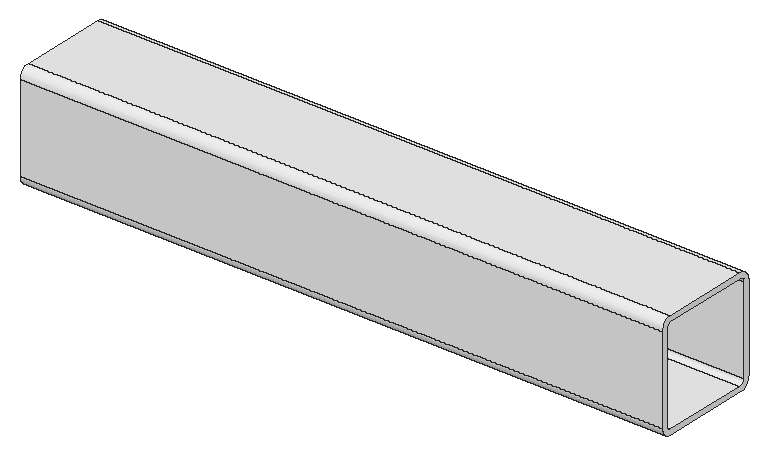
Revit family "M_HSS Quadrado", category Quadro estrutural, Revit 2019
Family settings
  Arredondamento do comprimento do framing estrutural = 0.10 mm
  Forma do corte = HSS retangular
  Material para o comportamento do modelo = Aço
  Exportar sempre como geometria = Não
  Family Name Key = M_HSS Square
  Nome do código = AISC 14.1
  Número OmniClass = 23.25.30.11.14.14
  Título OmniClass = Beams
  ID de item do Seek = HSS-Square-0000-CAN-ENU
  Sempre na vertical = Sim
  Corte com vazios quando carregada = Não
  Representação simbólica = Das configurações de projeto
  Compartilhado = Não
  Exibir o pré-corte da família na vista da planta = Sim
Parameters (values of type "HSS203.2X203.2X9.5")
  Largura = 203.00 mm
  Espessura nominal da parede = 9.53 mm
  Espessura da parede do projeto = 8.86 mm
  Momento de inércia de torção = 66600000.00 mm4
  Módulo de torção = 667000.0 mm³
  Structural Material [instance] = Aço, 45-345
  Section Name Key = ""
  Section Area = 6710.0 mm²
  Plastic Modulus weak axis = 482000.0 mm³
  Plastic Modulus strong axis = 482000.0 mm³
  Outer Fillet = 19.06 mm
  Nominal Weight = 549.17 N/m
  Moment of Inertia weak axis = 4160 cm⁴
  Moment of Inertia strong axis = 4160 cm⁴
  Length [instance] = 1524.00 mm
  Inner Fillet = 9.53 mm
  Height = 203.00 mm
  Elastic Modulus weak axis = 408000.0 mm³
  Elastic Modulus strong axis = 408000.0 mm³
  Centroid Vertical = Height / 2  # 101.5 mm
  Centroid Horizontal = Largura / 2  # 101.5 mm
Values of the unnamed type that differ from the named types
  Momento de inércia de torção = 6660 cm⁴
Reference planes
  plane 1 "Centro (Frente/Trás)": y = 0
  plane 2: z = 0
  plane 3 "Centro (Esquerda/Direita)": x = 4.61
  plane 4 "Membro esquerdo": x = -604.99
  plane 5 "Membro direito": x = 614.21
  plane 6: y = 101.5
  plane 7: y = -101.5
  plane 8 "Esquerda": x = -757.39
  plane 9 "Direita": x = 766.61
  plane 10: z = 101.5
  plane 11: z = -101.5
Forms (mm)
  Sweep 1, solid, material "Aço, 45-345" <- "Structural Material", detail levels medium
    path origin (0, 0, 0) x (1, 0, 0) y (0, 1, 0)
      loop
        line (614.21, 0) -> (-604.99, 0)
    profile "M_Vazado-Estrutural-Corte-Perfil-Médio : M_Vazado-Estrutural-Corte-Perfil-Médio" origin (4.61, 0, 0) x (0, -1, 0) y (0, 0, 1)
      loop
        line (-91.97, 91.97) -> (-91.97, -91.97) -> (91.97, -91.97) -> (91.97, 91.97) -> (-91.97, 91.97)
      loop
        line (-101.5, -101.5) -> (101.5, -101.5) -> (101.5, 101.5) -> (-101.5, 101.5) -> (-101.5, -101.5)
  Sweep 2, solid, material "Aço, 45-345" <- "Structural Material", detail levels fine
    path origin (0, 0, 0) x (1, 0, 0) y (0, 1, 0)
      loop
        line (-604.99, 0) -> (614.21, 0)
    profile "M_Vazado-Estrutural-Corte-Perfil-Alto : M_Vazado-Estrutural-Corte-Perfil-Alto" origin (4.61, 0, 0) x (0, 1, 0) y (0, 0, 1)
      loop
        arc (-82.44, 91.97) -> (-89.179, 89.179) -> (-91.97, 82.44) r 9.53
        line (-91.97, 82.44) -> (-91.97, -82.44)
        arc (-91.97, -82.44) -> (-89.179, -89.179) -> (-82.44, -91.97) r 9.53
        line (-82.44, -91.97) -> (82.44, -91.97)
        arc (82.44, -91.97) -> (89.179, -89.179) -> (91.97, -82.44) r 9.53
        line (91.97, -82.44) -> (91.97, 82.44)
        arc (91.97, 82.44) -> (89.179, 89.179) -> (82.44, 91.97) r 9.53
        line (82.44, 91.97) -> (-82.44, 91.97)
      loop
        arc (-101.5, -82.44) -> (-95.917, -95.917) -> (-82.44, -101.5) r 19.06
        line (-82.44, -101.5) -> (82.44, -101.5)
        arc (82.44, -101.5) -> (95.917, -95.917) -> (101.5, -82.44) r 19.06
        line (101.5, -82.44) -> (101.5, 82.44)
        arc (101.5, 82.44) -> (95.917, 95.917) -> (82.44, 101.5) r 19.06
        line (82.44, 101.5) -> (-82.44, 101.5)
        arc (-82.44, 101.5) -> (-95.917, 95.917) -> (-101.5, 82.44) r 19.06
        line (-101.5, 82.44) -> (-101.5, -82.44)
Lines and regions (mm)
  symbolic lines, style "Faces ocultas", detail levels medium+fine
    curve 1: line (614.21, -91.97, 0) -> (-604.99, -91.97, 0)
    curve 2: line (614.21, 91.97, 0) -> (-604.99, 91.97, 0)
    curve 3: line (-604.99, 0, 91.97) -> (614.21, 0, 91.97)
    curve 4: line (-604.99, 0, -91.97) -> (614.21, 0, -91.97)
  symbolic lines, style "Símbolos de vara", detail levels coarse
    curve 5: line (4.61, 101.5, 101.5) -> (4.61, -101.5, 101.5)
    curve 6: line (4.61, -101.5, 101.5) -> (4.61, -101.5, -101.5)
    curve 7: line (4.61, -101.5, -101.5) -> (4.61, 101.5, -101.5)
    curve 8: line (4.61, 101.5, -101.5) -> (4.61, 101.5, 101.5)
Dimensions and locks
  "Largura": plane 6 to plane 7
  equal spacing: plane 6, plane 1 "Centro (Frente/Trás)", plane 7
  "Espessura nominal da parede": plane 6 to curve 2
  "Espessura nominal da parede": curve 1 to plane 7
  "Length": plane 8 "Esquerda" to plane 9 "Direita"
  equal spacing: plane 10, level, plane 11
  "Height": plane 10 to plane 11
  aligned and locked: plane 4 "Membro esquerdo" to curve 3
  aligned and locked: plane 5 "Membro direito" to curve 3
  aligned and locked: plane 4 "Membro esquerdo" to curve 4
  aligned and locked: plane 5 "Membro direito" to curve 4
  aligned and locked: Sweep 1 sketch curve to plane 1 "Centro (Frente/Trás)"
  aligned and locked: curve 5 to Sweep 1
  aligned and locked: curve 6 to Sweep 1
  aligned and locked: curve 7 to Sweep 1
  aligned and locked: curve 8 to Sweep 1
  aligned and locked: plane 4 "Membro esquerdo" to Sweep 1 sketch curve
  aligned and locked: plane 5 "Membro direito" to Sweep 1 sketch curve
  aligned and locked: plane 4 "Membro esquerdo" to curve 1
  aligned and locked: plane 4 "Membro esquerdo" to curve 2
  aligned and locked: plane 5 "Membro direito" to curve 1
  aligned and locked: plane 5 "Membro direito" to curve 2
  aligned and locked: plane 5 "Membro direito" to Sweep 2 sketch curve
  aligned and locked: plane 1 "Centro (Frente/Trás)" to Sweep 2 sketch curve
  aligned and locked: plane 4 "Membro esquerdo" to Sweep 2 sketch curve
  aligned and locked: plane 2 to level
  aligned and locked: curve 3 to Sweep 1
  aligned and locked: curve 4 to Sweep 1
Types in the file's own list only (90): name | Largura | Espessura nominal da parede | Espessura da parede do projeto | Momento de inércia de torção | Módulo de torção | Chave do nome do corte | Área de corte | Eixo fraco do módulo plástico | Eixo forte do módulo plástico | Concordância externa | Peso nominal | Eixo fraco do momento de inércia | Eixo forte do momento de inércia | Concordância interna | Altura | Eixo fraco do módulo de elasticidade | Eixo forte do módulo de elasticidade | Centróide vertical | Centróide horizontal
  HSS406.4X406.4X15.9 | 406.00 mm | 15.90 mm | 14.80 mm | 903000000.00 mm4 | 74069529280.0 mm³ | HSS 16X16X5/8 | 22600.0 mm² | 3280000.0 mm³ | 3280000.0 mm³ | 31.80 mm | 189.00 kgf/m | 570000000.00 mm4 | 570000000.00 mm4 | 15.90 mm | 406.00 mm | 2800000.0 mm³ | 2800000.0 mm³ | 203.00 mm | 203.00 mm
  HSS406.4X406.4X12.7 | 406.00 mm | 12.70 mm | 11.80 mm | 737000000.00 mm4 | 60140524880.0 mm³ | HSS 16X16X1/2 | 18300.0 mm² | 2690000.0 mm³ | 2690000.0 mm³ | 25.40 mm | 153.00 kgf/m | 470000000.00 mm4 | 470000000.00 mm4 | 12.70 mm | 406.00 mm | 2310000.0 mm³ | 2310000.0 mm³ | 203.00 mm | 203.00 mm
  HSS406.4X406.4X9.5 | 406.00 mm | 9.53 mm | 8.86 mm | 562000000.00 mm4 | 45883779200.0 mm³ | HSS 16X16X3/8 | 13900.0 mm² | 2060000.0 mm³ | 2060000.0 mm³ | 19.06 mm | 117.00 kgf/m | 363000000.00 mm4 | 363000000.00 mm4 | 9.53 mm | 406.00 mm | 1790000.0 mm³ | 1790000.0 mm³ | 203.00 mm | 203.00 mm
  HSS406.4X406.4X7.9 | 406.00 mm | 7.94 mm | 7.39 mm | 475000000.00 mm4 | 38673471040.0 mm³ | HSS 16X16X5/16 | 11700.0 mm² | 1740000.0 mm³ | 1740000.0 mm³ | 15.88 mm | 97.90 kgf/m | 308000000.00 mm4 | 308000000.00 mm4 | 7.94 mm | 406.00 mm | 1510000.0 mm³ | 1510000.0 mm³ | 203.00 mm | 203.00 mm
  HSS355.6X355.6X15.9 | 356.00 mm | 15.90 mm | 14.80 mm | 595000000.00 mm4 | 55879888240.0 mm³ | HSS 14X14X5/8 | 19500.0 mm² | 2470000.0 mm³ | 2470000.0 mm³ | 31.80 mm | 164.00 kgf/m | 373000000.00 mm4 | 373000000.00 mm4 | 15.90 mm | 356.00 mm | 2100000.0 mm³ | 2100000.0 mm³ | 178.00 mm | 178.00 mm
  HSS355.6X355.6X12.7 | 356.00 mm | 12.70 mm | 11.80 mm | 487000000.00 mm4 | 45719908560.0 mm³ | HSS 14X14X1/2 | 15900.0 mm² | 2030000.0 mm³ | 2030000.0 mm³ | 25.40 mm | 133.00 kgf/m | 309000000.00 mm4 | 309000000.00 mm4 | 12.70 mm | 356.00 mm | 1740000.0 mm³ | 1740000.0 mm³ | 178.00 mm | 178.00 mm
  HSS355.6X355.6X9.5 | 356.00 mm | 9.53 mm | 8.86 mm | 375000000.00 mm4 | 34904446320.0 mm³ | HSS 14X14X3/8 | 12100.0 mm² | 1560000.0 mm³ | 1560000.0 mm³ | 19.06 mm | 102.00 kgf/m | 240000000.00 mm4 | 240000000.00 mm4 | 9.53 mm | 356.00 mm | 1350000.0 mm³ | 1350000.0 mm³ | 178.00 mm | 178.00 mm
  HSS355.6X355.6X7.9 | 356.00 mm | 7.94 mm | 7.39 mm | 316000000.00 mm4 | 29332844560.0 mm³ | HSS 14X14X5/16 | 10100.0 mm² | 1320000.0 mm³ | 1320000.0 mm³ | 15.88 mm | 85.30 kgf/m | 204000000.00 mm4 | 204000000.00 mm4 | 7.94 mm | 356.00 mm | 1150000.0 mm³ | 1150000.0 mm³ | 178.00 mm | 178.00 mm
  HSS304.8X304.8X15.9 | 305.00 mm | 15.90 mm | 14.80 mm | 368000000.00 mm4 | 40476048080.0 mm³ | HSS 12X12X5/8 | 16600.0 mm² | 1790000.0 mm³ | 1790000.0 mm³ | 31.80 mm | 139.00 kgf/m | 228000000.00 mm4 | 228000000.00 mm4 | 15.90 mm | 305.00 mm | 1500000.0 mm³ | 1500000.0 mm³ | 152.50 mm | 152.50 mm
  HSS304.8X304.8X12.7 | 305.00 mm | 12.70 mm | 11.80 mm | 303000000.00 mm4 | 33101869280.0 mm³ | HSS 12X12X1/2 | 13500.0 mm² | 1470000.0 mm³ | 1470000.0 mm³ | 25.40 mm | 113.00 kgf/m | 190000000.00 mm4 | 190000000.00 mm4 | 12.70 mm | 305.00 mm | 1250000.0 mm³ | 1250000.0 mm³ | 152.50 mm | 152.50 mm
  HSS304.8X304.8X9.5 | 305.00 mm | 9.53 mm | 8.86 mm | 234000000.00 mm4 | 25399949200.0 mm³ | HSS 12X12X3/8 | 10300.0 mm² | 1130000.0 mm³ | 1130000.0 mm³ | 19.06 mm | 86.30 kgf/m | 149000000.00 mm4 | 149000000.00 mm4 | 9.53 mm | 305.00 mm | 975000.0 mm³ | 975000.0 mm³ | 152.50 mm | 152.50 mm
  HSS304.8X304.8X7.9 | 305.00 mm | 7.94 mm | 7.39 mm | 197000000.00 mm4 | 21467053840.0 mm³ | HSS 12X12X5/16 | 8650.0 mm² | 960000.0 mm³ | 960000.0 mm³ | 15.88 mm | 72.60 kgf/m | 127000000.00 mm4 | 127000000.00 mm4 | 7.94 mm | 305.00 mm | 831000.0 mm³ | 831000.0 mm³ | 152.50 mm | 152.50 mm
  HSS304.8X304.8X6.4 | 305.00 mm | 6.35 mm | 5.92 mm | 160000000.00 mm4 | 17370287840.0 mm³ | HSS 12X12X1/4 | 6970.0 mm² | 780000.0 mm³ | 780000.0 mm³ | 12.70 mm | 58.60 kgf/m | 103000000.00 mm4 | 103000000.00 mm4 | 6.35 mm | 305.00 mm | 678000.0 mm³ | 678000.0 mm³ | 152.50 mm | 152.50 mm
  HSS304.8X304.8X4.8 | 305.00 mm | 4.76 mm | 4.42 mm | 121000000.00 mm4 | 13044102944.0 mm³ | HSS 12X12X3/16 | 5260.0 mm² | 590000.0 mm³ | 590000.0 mm³ | 9.52 mm | 44.40 kgf/m | 78700000.00 mm4 | 78700000.00 mm4 | 4.76 mm | 305.00 mm | 516000.0 mm³ | 516000.0 mm³ | 152.50 mm | 152.50 mm
  HSS254X254X15.9 | 254.00 mm | 15.90 mm | 14.80 mm | 207000000.00 mm4 | 27366396880.0 mm³ | HSS 10X10X5/8 | 13500.0 mm² | 1200000.0 mm³ | 1200000.0 mm³ | 31.80 mm | 113.00 kgf/m | 127000000.00 mm4 | 127000000.00 mm4 | 15.90 mm | 254.00 mm | 996000.0 mm³ | 996000.0 mm³ | 127.00 mm | 127.00 mm
  HSS254X254X12.7 | 254.00 mm | 12.70 mm | 11.80 mm | 171000000.00 mm4 | 22614148320.0 mm³ | HSS 10X10X1/2 | 11100.0 mm² | 995000.0 mm³ | 995000.0 mm³ | 25.40 mm | 92.70 kgf/m | 107000000.00 mm4 | 107000000.00 mm4 | 12.70 mm | 254.00 mm | 839000.0 mm³ | 839000.0 mm³ | 127.00 mm | 127.00 mm
  HSS254X254X9.5 | 254.00 mm | 9.53 mm | 8.86 mm | 133000000.00 mm4 | 17370287840.0 mm³ | HSS 10X10X3/8 | 8520.0 mm² | 773000.0 mm³ | 773000.0 mm³ | 19.06 mm | 71.20 kgf/m | 84100000.00 mm4 | 84100000.00 mm4 | 9.53 mm | 254.00 mm | 662000.0 mm³ | 662000.0 mm³ | 127.00 mm | 127.00 mm
  HSS254X254X7.9 | 254.00 mm | 7.94 mm | 7.39 mm | 113000000.00 mm4 | 14715583472.0 mm³ | HSS 10X10X5/16 | 7160.0 mm² | 657000.0 mm³ | 657000.0 mm³ | 15.88 mm | 60.00 kgf/m | 71600000.00 mm4 | 71600000.00 mm4 | 7.94 mm | 254.00 mm | 565000.0 mm³ | 565000.0 mm³ | 127.00 mm | 127.00 mm
  HSS254X254X6.4 | 254.00 mm | 6.35 mm | 5.92 mm | 91600000.00 mm4 | 11929782592.0 mm³ | HSS 10X10X1/4 | 5780.0 mm² | 536000.0 mm³ | 536000.0 mm³ | 12.70 mm | 48.50 kgf/m | 58700000.00 mm4 | 58700000.00 mm4 | 6.35 mm | 254.00 mm | 464000.0 mm³ | 464000.0 mm³ | 127.00 mm | 127.00 mm
  HSS254X254X4.8 | 254.00 mm | 4.76 mm | 4.42 mm | 69500000.00 mm4 | 9029272264.0 mm³ | HSS 10X10X3/16 | 4360.0 mm² | 406000.0 mm³ | 406000.0 mm³ | 9.52 mm | 36.80 kgf/m | 45000000.00 mm4 | 45000000.00 mm4 | 4.76 mm | 254.00 mm | 354000.0 mm³ | 354000.0 mm³ | 127.00 mm | 127.00 mm
  HSS228.6X228.6X15.9 | 229.00 mm | 15.90 mm | 14.80 mm | 148000000.00 mm4 | 21958665760.0 mm³ | HSS 9X9X5/8 | 12100.0 mm² | 952000.0 mm³ | 952000.0 mm³ | 31.80 mm | 101.00 kgf/m | 89900000.00 mm4 | 89900000.00 mm4 | 15.90 mm | 229.00 mm | 785000.0 mm³ | 785000.0 mm³ | 114.50 mm | 114.50 mm
  HSS228.6X228.6X12.7 | 229.00 mm | 12.70 mm | 11.80 mm | 123000000.00 mm4 | 18025770400.0 mm³ | HSS 9X9X1/2 | 9870.0 mm² | 793000.0 mm³ | 793000.0 mm³ | 25.40 mm | 82.60 kgf/m | 76200000.00 mm4 | 76200000.00 mm4 | 12.70 mm | 229.00 mm | 665000.0 mm³ | 665000.0 mm³ | 114.50 mm | 114.50 mm
  HSS228.6X228.6X9.5 | 229.00 mm | 9.53 mm | 8.86 mm | 96100000.00 mm4 | 13994552656.0 mm³ | HSS 9X9X3/8 | 7610.0 mm² | 619000.0 mm³ | 619000.0 mm³ | 19.06 mm | 63.60 kgf/m | 60400000.00 mm4 | 60400000.00 mm4 | 9.53 mm | 229.00 mm | 528000.0 mm³ | 528000.0 mm³ | 114.50 mm | 114.50 mm
  HSS228.6X228.6X7.9 | 229.00 mm | 7.94 mm | 7.39 mm | 81600000.00 mm4 | 11815073144.0 mm³ | HSS 9X9X5/16 | 6400.0 mm² | 526000.0 mm³ | 526000.0 mm³ | 15.88 mm | 53.60 kgf/m | 51600000.00 mm4 | 51600000.00 mm4 | 7.94 mm | 229.00 mm | 452000.0 mm³ | 452000.0 mm³ | 114.50 mm | 114.50 mm
  HSS228.6X228.6X6.4 | 229.00 mm | 6.35 mm | 5.92 mm | 66200000.00 mm4 | 9619206568.0 mm³ | HSS 9X9X1/4 | 5180.0 mm² | 429000.0 mm³ | 429000.0 mm³ | 12.70 mm | 43.40 kgf/m | 42500000.00 mm4 | 42500000.00 mm4 | 6.35 mm | 229.00 mm | 372000.0 mm³ | 372000.0 mm³ | 114.50 mm | 114.50 mm
  HSS228.6X228.6X4.8 | 229.00 mm | 4.76 mm | 4.42 mm | 50400000.00 mm4 | 7275856416.0 mm³ | HSS 9X9X3/16 | 3910.0 mm² | 328000.0 mm³ | 328000.0 mm³ | 9.52 mm | 33.00 kgf/m | 32500000.00 mm4 | 32500000.00 mm4 | 4.76 mm | 229.00 mm | 285000.0 mm³ | 285000.0 mm³ | 114.50 mm | 114.50 mm
  HSS228.6X228.6X3.2 | 229.00 mm | 3.18 mm | 2.95 mm | 34100000.00 mm4 | 4916119200.0 mm³ | HSS 9X9X1/8 | 2640.0 mm² | 223000.0 mm³ | 223000.0 mm³ | 6.36 mm | 22.30 kgf/m | 22300000.00 mm4 | 22300000.00 mm4 | 3.18 mm | 229.00 mm | 195000.0 mm³ | 195000.0 mm³ | 114.50 mm | 114.50 mm
  HSS203.2X203.2X15.9 | 203.00 mm | 15.90 mm | 14.80 mm | 102000000.00 mm4 | 17042546560.0 mm³ | HSS 8X8X5/8 | 10600.0 mm² | 733000.0 mm³ | 733000.0 mm³ | 31.80 mm | 88.00 kgf/m | 60800000.00 mm4 | 60800000.00 mm4 | 15.90 mm | 203.00 mm | 598000.0 mm³ | 598000.0 mm³ | 101.50 mm | 101.50 mm
  HSS203.2X203.2X12.7 | 203.00 mm | 12.70 mm | 11.80 mm | 84900000.00 mm4 | 14076487976.0 mm³ | HSS 8X8X1/2 | 8710.0 mm² | 615000.0 mm³ | 615000.0 mm³ | 25.40 mm | 72.50 kgf/m | 52000000.00 mm4 | 52000000.00 mm4 | 12.70 mm | 203.00 mm | 511000.0 mm³ | 511000.0 mm³ | 101.50 mm | 101.50 mm
  HSS203.2X203.2X7.9 | 203.00 mm | 7.94 mm | 7.39 mm | 56600000.00 mm4 | 9258691160.0 mm³ | HSS 8X8X5/16 | 5650.0 mm² | 411000.0 mm³ | 411000.0 mm³ | 15.88 mm | 47.30 kgf/m | 35600000.00 mm4 | 35600000.00 mm4 | 7.94 mm | 203.00 mm | 351000.0 mm³ | 351000.0 mm³ | 101.50 mm | 101.50 mm
  HSS203.2X203.2X6.4 | 203.00 mm | 6.35 mm | 5.92 mm | 46200000.00 mm4 | 7538049440.0 mm³ | HSS 8X8X1/4 | 4580.0 mm² | 336000.0 mm³ | 336000.0 mm³ | 12.70 mm | 38.40 kgf/m | 29400000.00 mm4 | 29400000.00 mm4 | 6.35 mm | 203.00 mm | 290000.0 mm³ | 290000.0 mm³ | 101.50 mm | 101.50 mm
  HSS203.2X203.2X4.8 | 203.00 mm | 4.76 mm | 4.42 mm | 35200000.00 mm4 | 5719085336.0 mm³ | HSS 8X8X3/16 | 3460.0 mm² | 257000.0 mm³ | 257000.0 mm³ | 9.52 mm | 29.20 kgf/m | 22600000.00 mm4 | 22600000.00 mm4 | 4.76 mm | 203.00 mm | 223000.0 mm³ | 223000.0 mm³ | 101.50 mm | 101.50 mm
  HSS203.2X203.2X3.2 | 203.00 mm | 3.18 mm | 2.95 mm | 23900000.00 mm4 | 3867347104.0 mm³ | HSS 8X8X1/8 | 2340.0 mm² | 175000.0 mm³ | 175000.0 mm³ | 6.36 mm | 19.70 kgf/m | 15600000.00 mm4 | 15600000.00 mm4 | 3.18 mm | 203.00 mm | 153000.0 mm³ | 153000.0 mm³ | 101.50 mm | 101.50 mm
  HSS177.8X177.8X15.9 | 178.00 mm | 15.90 mm | 14.80 mm | 65800000.00 mm4 | 12650813408.0 mm³ | HSS 7X7X5/8 | 9030.0 mm² | 542000.0 mm³ | 542000.0 mm³ | 31.80 mm | 75.30 kgf/m | 38900000.00 mm4 | 38900000.00 mm4 | 15.90 mm | 178.00 mm | 438000.0 mm³ | 438000.0 mm³ | 89.00 mm | 89.00 mm
  HSS177.8X177.8X12.7 | 178.00 mm | 12.70 mm | 11.80 mm | 55400000.00 mm4 | 10553269216.0 mm³ | HSS 7X7X1/2 | 7480.0 mm² | 457000.0 mm³ | 457000.0 mm³ | 25.40 mm | 62.40 kgf/m | 33500000.00 mm4 | 33500000.00 mm4 | 12.70 mm | 178.00 mm | 377000.0 mm³ | 377000.0 mm³ | 89.00 mm | 89.00 mm
  HSS177.8X177.8X9.5 | 178.00 mm | 9.53 mm | 8.86 mm | 43700000.00 mm4 | 8242693192.0 mm³ | HSS 7X7X3/8 | 5790.0 mm² | 362000.0 mm³ | 362000.0 mm³ | 19.06 mm | 48.40 kgf/m | 27100000.00 mm4 | 27100000.00 mm4 | 9.53 mm | 178.00 mm | 305000.0 mm³ | 305000.0 mm³ | 89.00 mm | 89.00 mm
  HSS177.8X177.8X7.9 | 178.00 mm | 7.94 mm | 7.39 mm | 37300000.00 mm4 | 7013663392.0 mm³ | HSS 7X7X5/16 | 4900.0 mm² | 310000.0 mm³ | 310000.0 mm³ | 15.88 mm | 41.00 kgf/m | 23400000.00 mm4 | 23400000.00 mm4 | 7.94 mm | 178.00 mm | 262000.0 mm³ | 262000.0 mm³ | 89.00 mm | 89.00 mm
  HSS177.8X177.8X6.4 | 178.00 mm | 6.35 mm | 5.92 mm | 30600000.00 mm4 | 5719085336.0 mm³ | HSS 7X7X1/4 | 3980.0 mm² | 254000.0 mm³ | 254000.0 mm³ | 12.70 mm | 33.30 kgf/m | 19400000.00 mm4 | 19400000.00 mm4 | 6.35 mm | 178.00 mm | 218000.0 mm³ | 218000.0 mm³ | 89.00 mm | 89.00 mm
  HSS177.8X177.8X4.8 | 178.00 mm | 4.76 mm | 4.42 mm | 23400000.00 mm4 | 4342571960.0 mm³ | HSS 7X7X3/16 | 3010.0 mm² | 195000.0 mm³ | 195000.0 mm³ | 9.52 mm | 25.40 kgf/m | 15000000.00 mm4 | 15000000.00 mm4 | 4.76 mm | 178.00 mm | 169000.0 mm³ | 169000.0 mm³ | 89.00 mm | 89.00 mm
  HSS177.8X177.8X3.2 | 178.00 mm | 3.18 mm | 2.95 mm | 15900000.00 mm4 | 2949671520.0 mm³ | HSS 7X7X1/8 | 2040.0 mm² | 133000.0 mm³ | 133000.0 mm³ | 6.36 mm | 17.20 kgf/m | 10300000.00 mm4 | 10300000.00 mm4 | 3.18 mm | 178.00 mm | 116000.0 mm³ | 116000.0 mm³ | 89.00 mm | 89.00 mm
  HSS152.4X152.4X15.9 | 152.00 mm | 15.90 mm | 14.80 mm | 39500000.00 mm4 | 8963724008.0 mm³ | HSS 6X6X5/8 | 7550.0 mm² | 380000.0 mm³ | 380000.0 mm³ | 31.80 mm | 62.60 kgf/m | 23000000.00 mm4 | 23000000.00 mm4 | 15.90 mm | 152.00 mm | 302000.0 mm³ | 302000.0 mm³ | 76.00 mm | 76.00 mm
  HSS152.4X152.4X12.7 | 152.00 mm | 12.70 mm | 11.80 mm | 33800000.00 mm4 | 7538049440.0 mm³ | HSS 6X6X1/2 | 6280.0 mm² | 324000.0 mm³ | 324000.0 mm³ | 25.40 mm | 52.20 kgf/m | 20100000.00 mm4 | 20100000.00 mm4 | 12.70 mm | 152.00 mm | 264000.0 mm³ | 264000.0 mm³ | 76.00 mm | 76.00 mm
  HSS152.4X152.4X9.5 | 152.00 mm | 9.53 mm | 8.86 mm | 26900000.00 mm4 | 5932117168.0 mm³ | HSS 6X6X3/8 | 4890.0 mm² | 259000.0 mm³ | 259000.0 mm³ | 19.06 mm | 40.80 kgf/m | 16400000.00 mm4 | 16400000.00 mm4 | 9.53 mm | 152.00 mm | 216000.0 mm³ | 216000.0 mm³ | 76.00 mm | 76.00 mm
  HSS152.4X152.4X7.9 | 152.00 mm | 7.94 mm | 7.39 mm | 23100000.00 mm4 | 5079989840.0 mm³ | HSS 6X6X5/16 | 4150.0 mm² | 223000.0 mm³ | 223000.0 mm³ | 15.88 mm | 34.60 kgf/m | 14300000.00 mm4 | 14300000.00 mm4 | 7.94 mm | 152.00 mm | 187000.0 mm³ | 187000.0 mm³ | 76.00 mm | 76.00 mm
  HSS152.4X152.4X6.4 | 152.00 mm | 6.35 mm | 5.92 mm | 19000000.00 mm4 | 4129540128.0 mm³ | HSS 6X6X1/4 | 3380.0 mm² | 184000.0 mm³ | 184000.0 mm³ | 12.70 mm | 28.30 kgf/m | 11900000.00 mm4 | 11900000.00 mm4 | 6.35 mm | 152.00 mm | 156000.0 mm³ | 156000.0 mm³ | 76.00 mm | 76.00 mm
  HSS152.4X152.4X4.8 | 152.00 mm | 4.76 mm | 4.42 mm | 14600000.00 mm4 | 3162703352.0 mm³ | HSS 6X6X3/16 | 2570.0 mm² | 141000.0 mm³ | 141000.0 mm³ | 9.52 mm | 21.60 kgf/m | 9280000.00 mm4 | 9280000.00 mm4 | 4.76 mm | 152.00 mm | 122000.0 mm³ | 122000.0 mm³ | 76.00 mm | 76.00 mm
  HSS152.4X152.4X3.2 | 152.00 mm | 3.18 mm | 2.95 mm | 9950000.00 mm4 | 2163092448.0 mm³ | HSS 6X6X1/8 | 1740.0 mm² | 97000.0 mm³ | 97000.0 mm³ | 6.36 mm | 14.70 kgf/m | 6450000.00 mm4 | 6450000.00 mm4 | 3.18 mm | 152.00 mm | 84400.0 mm³ | 84400.0 mm³ | 76.00 mm | 76.00 mm
  HSS139.7X139.7X9.5 | 140.00 mm | 9.53 mm | 8.86 mm | 20400000.00 mm4 | 4948893328.0 mm³ | HSS 5 1/2X5 1/2X3/8 | 4440.0 mm² | 215000.0 mm³ | 215000.0 mm³ | 19.06 mm | 37.00 kgf/m | 12400000.00 mm4 | 12400000.00 mm4 | 9.53 mm | 140.00 mm | 177000.0 mm³ | 177000.0 mm³ | 70.00 mm | 70.00 mm
  HSS139.7X139.7X7.9 | 140.00 mm | 7.94 mm | 7.39 mm | 17600000.00 mm4 | 4211475448.0 mm³ | HSS 5 1/2X5 1/2X5/16 | 3770.0 mm² | 185000.0 mm³ | 185000.0 mm³ | 15.88 mm | 31.50 kgf/m | 10800000.00 mm4 | 10800000.00 mm4 | 7.94 mm | 140.00 mm | 155000.0 mm³ | 155000.0 mm³ | 70.00 mm | 70.00 mm
  HSS139.7X139.7X6.4 | 140.00 mm | 6.35 mm | 5.92 mm | 14500000.00 mm4 | 3457670504.0 mm³ | HSS 5 1/2X5 1/2X1/4 | 3080.0 mm² | 153000.0 mm³ | 153000.0 mm³ | 12.70 mm | 25.70 kgf/m | 9030000.00 mm4 | 9030000.00 mm4 | 6.35 mm | 140.00 mm | 129000.0 mm³ | 129000.0 mm³ | 70.00 mm | 70.00 mm
  HSS139.7X139.7X4.8 | 140.00 mm | 4.76 mm | 4.42 mm | 11100000.00 mm4 | 2638317304.0 mm³ | HSS 5 1/2X5 1/2X3/16 | 2340.0 mm² | 118000.0 mm³ | 118000.0 mm³ | 9.52 mm | 19.70 kgf/m | 7080000.00 mm4 | 7080000.00 mm4 | 4.76 mm | 140.00 mm | 101000.0 mm³ | 101000.0 mm³ | 70.00 mm | 70.00 mm
  HSS139.7X139.7X3.2 | 140.00 mm | 3.18 mm | 2.95 mm | 7620000.00 mm4 | 1802577040.0 mm³ | HSS 5 1/2X5 1/2X1/8 | 1590.0 mm² | 81100.0 mm³ | 81100.0 mm³ | 6.36 mm | 13.40 kgf/m | 4910000.00 mm4 | 4910000.00 mm4 | 3.18 mm | 140.00 mm | 70500.0 mm³ | 70500.0 mm³ | 70.00 mm | 70.00 mm
  HSS127X127X12.7 | 127.00 mm | 12.70 mm | 11.80 mm | 18600000.00 mm4 | 5014441584.0 mm³ | HSS 5X5X1/2 | 5080.0 mm² | 215000.0 mm³ | 215000.0 mm³ | 25.40 mm | 42.10 kgf/m | 10800000.00 mm4 | 10800000.00 mm4 | 12.70 mm | 127.00 mm | 170000.0 mm³ | 170000.0 mm³ | 63.50 mm | 63.50 mm
  HSS127X127X9.5 | 127.00 mm | 9.53 mm | 8.86 mm | 15000000.00 mm4 | 3998443616.0 mm³ | HSS 5X5X3/8 | 3990.0 mm² | 174000.0 mm³ | 174000.0 mm³ | 19.06 mm | 33.20 kgf/m | 9030000.00 mm4 | 9030000.00 mm4 | 9.53 mm | 127.00 mm | 142000.0 mm³ | 142000.0 mm³ | 63.50 mm | 63.50 mm
  HSS127X127X7.9 | 127.00 mm | 7.94 mm | 7.39 mm | 13000000.00 mm4 | 3441283440.0 mm³ | HSS 5X5X5/16 | 3390.0 mm² | 150000.0 mm³ | 150000.0 mm³ | 15.88 mm | 28.30 kgf/m | 7910000.00 mm4 | 7910000.00 mm4 | 7.94 mm | 127.00 mm | 125000.0 mm³ | 125000.0 mm³ | 63.50 mm | 63.50 mm
  HSS127X127X6.4 | 127.00 mm | 6.35 mm | 5.92 mm | 10700000.00 mm4 | 2818575008.0 mm³ | HSS 5X5X1/4 | 2770.0 mm² | 125000.0 mm³ | 125000.0 mm³ | 12.70 mm | 23.20 kgf/m | 6660000.00 mm4 | 6660000.00 mm4 | 6.35 mm | 127.00 mm | 105000.0 mm³ | 105000.0 mm³ | 63.50 mm | 63.50 mm
  HSS127X127X4.8 | 127.00 mm | 4.76 mm | 4.42 mm | 8280000.00 mm4 | 2163092448.0 mm³ | HSS 5X5X3/16 | 2120.0 mm² | 96500.0 mm³ | 96500.0 mm³ | 9.52 mm | 17.80 kgf/m | 5240000.00 mm4 | 5240000.00 mm4 | 4.76 mm | 127.00 mm | 82400.0 mm³ | 82400.0 mm³ | 63.50 mm | 63.50 mm
  HSS127X127X3.2 | 127.00 mm | 3.18 mm | 2.95 mm | 5700000.00 mm4 | 1484667998.4 mm³ | HSS 5X5X1/8 | 1440.0 mm² | 66700.0 mm³ | 66700.0 mm³ | 6.36 mm | 12.10 kgf/m | 3660000.00 mm4 | 3660000.00 mm4 | 3.18 mm | 127.00 mm | 57700.0 mm³ | 57700.0 mm³ | 63.50 mm | 63.50 mm
  HSS114.3X114.3X12.7 | 114.00 mm | 12.70 mm | 11.80 mm | 13000000.00 mm4 | 3982056552.0 mm³ | HSS 4 1/2X4 1/2X1/2 | 4480.0 mm² | 167000.0 mm³ | 167000.0 mm³ | 25.40 mm | 37.10 kgf/m | 7530000.00 mm4 | 7530000.00 mm4 | 12.70 mm | 114.00 mm | 132000.0 mm³ | 132000.0 mm³ | 57.00 mm | 57.00 mm
  HSS114.3X114.3X9.5 | 114.00 mm | 9.53 mm | 8.86 mm | 10700000.00 mm4 | 3195477480.0 mm³ | HSS 4 1/2X4 1/2X3/8 | 3540.0 mm² | 137000.0 mm³ | 137000.0 mm³ | 19.06 mm | 29.40 kgf/m | 6370000.00 mm4 | 6370000.00 mm4 | 9.53 mm | 114.00 mm | 111000.0 mm³ | 111000.0 mm³ | 57.00 mm | 57.00 mm
  HSS114.3X114.3X7.9 | 114.00 mm | 7.94 mm | 7.39 mm | 9280000.00 mm4 | 2736639688.0 mm³ | HSS 4 1/2X4 1/2X5/16 | 3020.0 mm² | 119000.0 mm³ | 119000.0 mm³ | 15.88 mm | 25.20 kgf/m | 5620000.00 mm4 | 5620000.00 mm4 | 7.94 mm | 114.00 mm | 98300.0 mm³ | 98300.0 mm³ | 57.00 mm | 57.00 mm
  HSS114.3X114.3X6.4 | 114.00 mm | 6.35 mm | 5.92 mm | 7700000.00 mm4 | 2261414832.0 mm³ | HSS 4 1/2X4 1/2X1/4 | 2480.0 mm² | 99300.0 mm³ | 99300.0 mm³ | 12.70 mm | 20.70 kgf/m | 4750000.00 mm4 | 4750000.00 mm4 | 6.35 mm | 114.00 mm | 83200.0 mm³ | 83200.0 mm³ | 57.00 mm | 57.00 mm
  HSS114.3X114.3X4.8 | 114.00 mm | 4.76 mm | 4.42 mm | 5990000.00 mm4 | 1737028784.0 mm³ | HSS 4 1/2X4 1/2X3/16 | 1890.0 mm² | 77200.0 mm³ | 77200.0 mm³ | 9.52 mm | 15.90 kgf/m | 3750000.00 mm4 | 3750000.00 mm4 | 4.76 mm | 114.00 mm | 65700.0 mm³ | 65700.0 mm³ | 57.00 mm | 57.00 mm
  HSS114.3X114.3X3.2 | 114.00 mm | 3.18 mm | 2.95 mm | 4130000.00 mm4 | 1194616965.6 mm³ | HSS 4 1/2X4 1/2X1/8 | 1290.0 mm² | 53600.0 mm³ | 53600.0 mm³ | 6.36 mm | 10.90 kgf/m | 2640000.00 mm4 | 2640000.00 mm4 | 3.18 mm | 114.00 mm | 46200.0 mm³ | 46200.0 mm³ | 57.00 mm | 57.00 mm
  HSS101.6X101.6X12.7 | 102.00 mm | 12.70 mm | 11.80 mm | 8740000.00 mm4 | 3015219776.0 mm³ | HSS 4X4X1/2 | 3880.0 mm² | 126000.0 mm³ | 126000.0 mm³ | 25.40 mm | 32.00 kgf/m | 4950000.00 mm4 | 4950000.00 mm4 | 12.70 mm | 102.00 mm | 97800.0 mm³ | 97800.0 mm³ | 51.00 mm | 51.00 mm
  HSS101.6X101.6X9.5 | 102.00 mm | 9.53 mm | 8.86 mm | 7280000.00 mm4 | 2458059600.0 mm³ | HSS 4X4X3/8 | 3080.0 mm² | 105000.0 mm³ | 105000.0 mm³ | 19.06 mm | 25.60 kgf/m | 4290000.00 mm4 | 4290000.00 mm4 | 9.53 mm | 102.00 mm | 84100.0 mm³ | 84100.0 mm³ | 51.00 mm | 51.00 mm
  HSS101.6X101.6X7.9 | 102.00 mm | 7.94 mm | 7.39 mm | 6370000.00 mm4 | 2130318320.0 mm³ | HSS 4X4X5/16 | 2650.0 mm² | 91600.0 mm³ | 91600.0 mm³ | 15.88 mm | 22.00 kgf/m | 3800000.00 mm4 | 3800000.00 mm4 | 7.94 mm | 102.00 mm | 74900.0 mm³ | 74900.0 mm³ | 51.00 mm | 51.00 mm
  HSS101.6X101.6X6.4 | 102.00 mm | 6.35 mm | 5.92 mm | 5330000.00 mm4 | 1753415848.0 mm³ | HSS 4X4X1/4 | 2170.0 mm² | 76900.0 mm³ | 76900.0 mm³ | 12.70 mm | 18.10 kgf/m | 3250000.00 mm4 | 3250000.00 mm4 | 6.35 mm | 102.00 mm | 63900.0 mm³ | 63900.0 mm³ | 51.00 mm | 51.00 mm
  HSS101.6X101.6X4.8 | 102.00 mm | 4.76 mm | 4.42 mm | 4160000.00 mm4 | 1361765018.4 mm³ | HSS 4X4X3/16 | 1660.0 mm² | 60100.0 mm³ | 60100.0 mm³ | 9.52 mm | 14.00 kgf/m | 2580000.00 mm4 | 2580000.00 mm4 | 4.76 mm | 102.00 mm | 50800.0 mm³ | 50800.0 mm³ | 51.00 mm | 51.00 mm
  HSS101.6X101.6X3.2 | 102.00 mm | 3.18 mm | 2.95 mm | 2880000.00 mm4 | 937340060.8 mm³ | HSS 4X4X1/8 | 1140.0 mm² | 42000.0 mm³ | 42000.0 mm³ | 6.36 mm | 9.59 kgf/m | 1830000.00 mm4 | 1830000.00 mm4 | 3.18 mm | 102.00 mm | 36100.0 mm³ | 36100.0 mm³ | 51.00 mm | 51.00 mm
  HSS88.9X88.9X9.5 | 88.90 mm | 9.53 mm | 8.86 mm | 4660000.00 mm4 | 1818964104.0 mm³ | HSS 3 1/2X3 1/2X3/8 | 2640.0 mm² | 76900.0 mm³ | 76900.0 mm³ | 19.06 mm | 21.80 kgf/m | 2700000.00 mm4 | 2700000.00 mm4 | 9.53 mm | 88.90 mm | 60800.0 mm³ | 60800.0 mm³ | 44.45 mm | 44.45 mm
  HSS88.9X88.9X7.9 | 88.90 mm | 7.94 mm | 7.39 mm | 4120000.00 mm4 | 1584629088.8 mm³ | HSS 3 1/2X3 1/2X5/16 | 2270.0 mm² | 67800.0 mm³ | 67800.0 mm³ | 15.88 mm | 18.80 kgf/m | 2430000.00 mm4 | 2430000.00 mm4 | 7.94 mm | 88.90 mm | 54700.0 mm³ | 54700.0 mm³ | 44.45 mm | 44.45 mm
  HSS88.9X88.9X6.4 | 88.90 mm | 6.35 mm | 5.92 mm | 3480000.00 mm4 | 1320797358.4 mm³ | HSS 3 1/2X3 1/2X1/4 | 1880.0 mm² | 57400.0 mm³ | 57400.0 mm³ | 12.70 mm | 15.60 kgf/m | 2100000.00 mm4 | 2100000.00 mm4 | 6.35 mm | 88.90 mm | 47200.0 mm³ | 47200.0 mm³ | 44.45 mm | 44.45 mm
  HSS88.9X88.9X4.8 | 88.90 mm | 4.76 mm | 4.42 mm | 2730000.00 mm4 | 1029107619.2 mm³ | HSS 3 1/2X3 1/2X3/16 | 1450.0 mm² | 45200.0 mm³ | 45200.0 mm³ | 9.52 mm | 12.10 kgf/m | 1690000.00 mm4 | 1690000.00 mm4 | 4.76 mm | 88.90 mm | 37900.0 mm³ | 37900.0 mm³ | 44.45 mm | 44.45 mm
  HSS88.9X88.9X3.2 | 88.90 mm | 3.18 mm | 2.95 mm | 1910000.00 mm4 | 711198577.6 mm³ | HSS 3 1/2X3 1/2X1/8 | 994.0 mm² | 31600.0 mm³ | 31600.0 mm³ | 6.36 mm | 8.33 kgf/m | 1210000.00 mm4 | 1210000.00 mm4 | 3.18 mm | 88.90 mm | 27200.0 mm³ | 27200.0 mm³ | 44.45 mm | 44.45 mm
  HSS76.2X76.2X9.5 | 76.20 mm | 9.53 mm | 8.86 mm | 2760000.00 mm4 | 1273274872.8 mm³ | HSS 3X3X3/8 | 2190.0 mm² | 53300.0 mm³ | 53300.0 mm³ | 19.06 mm | 18.00 kgf/m | 1570000.00 mm4 | 1570000.00 mm4 | 9.53 mm | 76.20 mm | 41300.0 mm³ | 41300.0 mm³ | 38.10 mm | 38.10 mm
  HSS76.2X76.2X7.9 | 76.20 mm | 7.94 mm | 7.39 mm | 2470000.00 mm4 | 1122513884.0 mm³ | HSS 3X3X5/16 | 1900.0 mm² | 47500.0 mm³ | 47500.0 mm³ | 15.88 mm | 15.70 kgf/m | 1440000.00 mm4 | 1440000.00 mm4 | 7.94 mm | 76.20 mm | 37700.0 mm³ | 37700.0 mm³ | 38.10 mm | 38.10 mm
  HSS76.2X76.2X6.4 | 76.20 mm | 6.35 mm | 5.92 mm | 2110000.00 mm4 | 945533592.8 mm³ | HSS 3X3X1/4 | 1570.0 mm² | 40600.0 mm³ | 40600.0 mm³ | 12.70 mm | 13.10 kgf/m | 1260000.00 mm4 | 1260000.00 mm4 | 6.35 mm | 76.20 mm | 32900.0 mm³ | 32900.0 mm³ | 38.10 mm | 38.10 mm
  HSS76.2X76.2X4.8 | 76.20 mm | 4.76 mm | 4.42 mm | 1680000.00 mm4 | 740695292.8 mm³ | HSS 3X3X3/16 | 1220.0 mm² | 32300.0 mm³ | 32300.0 mm³ | 9.52 mm | 10.20 kgf/m | 1020000.00 mm4 | 1020000.00 mm4 | 4.76 mm | 76.20 mm | 26900.0 mm³ | 26900.0 mm³ | 38.10 mm | 38.10 mm
  HSS76.2X76.2X3.2 | 76.20 mm | 3.18 mm | 2.95 mm | 1180000.00 mm4 | 516192516.0 mm³ | HSS 3X3X1/8 | 839.0 mm² | 22900.0 mm³ | 22900.0 mm³ | 6.36 mm | 7.06 kgf/m | 741000.00 mm4 | 741000.00 mm4 | 3.18 mm | 76.20 mm | 19500.0 mm³ | 19500.0 mm³ | 38.10 mm | 38.10 mm
  HSS63.5X63.5X7.9 | 63.50 mm | 7.94 mm | 7.39 mm | 1330000.00 mm4 | 735779173.6 mm³ | HSS 2 1/2X2 1/2X5/16 | 1520.0 mm² | 30800.0 mm³ | 30800.0 mm³ | 15.88 mm | 12.50 kgf/m | 758000.00 mm4 | 758000.00 mm4 | 7.94 mm | 63.50 mm | 23900.0 mm³ | 23900.0 mm³ | 31.75 mm | 31.75 mm
  HSS63.5X63.5X6.4 | 63.50 mm | 6.35 mm | 5.92 mm | 1160000.00 mm4 | 630901964.0 mm³ | HSS 2 1/2X2 1/2X1/4 | 1270.0 mm² | 26700.0 mm³ | 26700.0 mm³ | 12.70 mm | 10.50 kgf/m | 678000.00 mm4 | 678000.00 mm4 | 6.35 mm | 63.50 mm | 21300.0 mm³ | 21300.0 mm³ | 31.75 mm | 31.75 mm
  HSS63.5X63.5X4.8 | 63.50 mm | 4.76 mm | 4.42 mm | 937000.00 mm4 | 499805452.0 mm³ | HSS 2 1/2X2 1/2X3/16 | 994.0 mm² | 21600.0 mm³ | 21600.0 mm³ | 9.52 mm | 8.30 kgf/m | 562000.00 mm4 | 562000.00 mm4 | 4.76 mm | 63.50 mm | 17700.0 mm³ | 17700.0 mm³ | 31.75 mm | 31.75 mm
  HSS63.5X63.5X3.2 | 63.50 mm | 3.18 mm | 2.95 mm | 670000.00 mm4 | 352321876.0 mm³ | HSS 2 1/2X2 1/2X1/8 | 690.0 mm² | 15500.0 mm³ | 15500.0 mm³ | 6.36 mm | 5.80 kgf/m | 415000.00 mm4 | 415000.00 mm4 | 3.18 mm | 63.50 mm | 13100.0 mm³ | 13100.0 mm³ | 31.75 mm | 31.75 mm
  HSS57.2X57.2X6.4 | 57.20 mm | 6.35 mm | 5.92 mm | 816000.00 mm4 | 496528039.2 mm³ | HSS 2 1/4X2 1/4X1/4 | 1120.0 mm² | 21000.0 mm³ | 21000.0 mm³ | 12.70 mm | 9.26 kgf/m | 470000.00 mm4 | 470000.00 mm4 | 6.35 mm | 57.20 mm | 16600.0 mm³ | 16600.0 mm³ | 28.60 mm | 28.60 mm
  HSS57.2X57.2X4.8 | 57.20 mm | 4.76 mm | 4.42 mm | 666000.00 mm4 | 398205655.2 mm³ | HSS 2 1/4X2 1/4X3/16 | 884.0 mm² | 17000.0 mm³ | 17000.0 mm³ | 9.52 mm | 7.35 kgf/m | 397000.00 mm4 | 397000.00 mm4 | 4.76 mm | 57.20 mm | 13900.0 mm³ | 13900.0 mm³ | 28.60 mm | 28.60 mm
  HSS57.2X57.2X3.2 | 57.20 mm | 3.18 mm | 2.95 mm | 479000.00 mm4 | 281857500.8 mm³ | HSS 2 1/4X2 1/4X1/8 | 617.0 mm² | 12400.0 mm³ | 12400.0 mm³ | 6.36 mm | 5.16 kgf/m | 296000.00 mm4 | 296000.00 mm4 | 3.18 mm | 57.20 mm | 10400.0 mm³ | 10400.0 mm³ | 28.60 mm | 28.60 mm
  HSS50.8X50.8X6.4 | 50.80 mm | 6.35 mm | 5.92 mm | 545000.00 mm4 | 378541178.4 mm³ | HSS 2X2X1/4 | 974.0 mm² | 15800.0 mm³ | 15800.0 mm³ | 12.70 mm | 8.00 kgf/m | 311000.00 mm4 | 311000.00 mm4 | 6.35 mm | 50.80 mm | 12200.0 mm³ | 12200.0 mm³ | 25.40 mm | 25.40 mm
  HSS50.8X50.8X4.8 | 50.80 mm | 4.76 mm | 4.42 mm | 454000.00 mm4 | 306438096.8 mm³ | HSS 2X2X3/16 | 768.0 mm² | 13100.0 mm³ | 13100.0 mm³ | 9.52 mm | 6.40 kgf/m | 267000.00 mm4 | 267000.00 mm4 | 4.76 mm | 50.80 mm | 10500.0 mm³ | 10500.0 mm³ | 25.40 mm | 25.40 mm
  HSS50.8X50.8X3.2 | 50.80 mm | 3.18 mm | 2.95 mm | 331000.00 mm4 | 219586657.6 mm³ | HSS 2X2X1/8 | 542.0 mm² | 9570.0 mm³ | 9570.0 mm³ | 6.36 mm | 4.53 kgf/m | 202000.00 mm4 | 202000.00 mm4 | 3.18 mm | 50.80 mm | 7960.0 mm³ | 7960.0 mm³ | 25.40 mm | 25.40 mm
